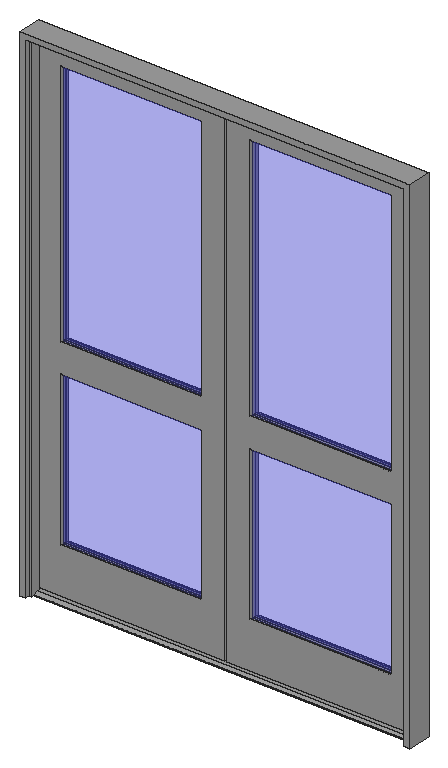
Revit family "MS-375 DOOR-Double-VIP-1-CW_v04", category Curtain Panels, Revit 2015
Parameters
  Width [instance] = 6' - 2"
  VIP2 Panic Devices [instance] = not(VIP1 Panic Devices)  # yes
  URL = "obe.com"
  Rough Width [instance] = 6' - 0"
  Panel Width [instance] = Min Panel Width  # 6' - 0"
  Panel Offset [instance] = 0' - 0"
  Offset [instance] = 0' - 0"
  Model = "MS-375 DOOR"
  Min Rough Width [instance] = if(Rough Width > 6' 1 255/256", Rough Width, 6' 2")  # 6' - 2"
  Min Panel Width [instance] = if(Rough Width > 6' 1 255/256", Rough Width - 0' 2", 6' 0")  # 6' - 0"
  Manufacturer = "Oldcastle BuildingEnvelope®"
  Keynote = "08 11 00"
  Hinge [instance] = yes
  Height [instance] = 8' - 0"
  Pushbar Height [instance] = 3' - 5 1/4"  # constant formula
  Glass Material = Glass
  Frame Material = Aluminum
  Door Panel Height [instance] = Height - 0' 0 5/8"  # 7' - 11 3/8"
  Description = "MS-375 - 1\" Door Infill"
  Assembly Code = "B2030"
  Analytic Construction = "<None>"
  VIP1 Panic Devices [instance] = no
  10 Bottom Rail [instance] = not([8 Bottom Rail])  # no
  8 Bottom Rail [instance] = yes
Reference planes (in)
  plane 1 "Front": y = 0
  plane 2: z = 0
  plane 3 "Center (Left/Right)": x = 0
  plane 4 "Left": x = -37
  plane 5 "Right": x = 37
  plane 6 "Top": z = 96
  plane 7 "Offset": y = 0
  plane 8: y = -1.28244
  plane 9: y = -1.28244
  plane 10: x = -37
  plane 11: x = 37
Forms (in)
  Sweep 1, solid, material "Aluminum" <- "Frame Material"
    path origin (0, 0, 0) x (-1, 0, 0) y (0, 0, 1)
      loop
        line (37, 0) -> (37, 96)
    profile origin (-37, 0, 48) x (1, 0, 0) y (0, 1, 0)
      loop
        line (1, -1.97) -> (1, 0) -> (0, 0) -> (0, -4.5) -> (1, -4.5) -> (1, -3.595) -> (1.5, -3.595) -> (1.5, -1.97) -> (1, -1.97)
  Sweep 2, solid, material "Aluminum" <- "Frame Material"
    path origin (0, 0, 0) x (-1, 0, 0) y (0, 0, 1)
      loop
        line (-37, 0) -> (-37, 96)
    profile origin (37, 0, 48) x (1, 0, 0) y (0, 1, 0)
      loop
        line (-1, -1.97) -> (-1.5, -1.97) -> (-1.5, -3.595) -> (-1, -3.595) -> (-1, -4.5) -> (0, -4.5) -> (0, 0) -> (-1, 0) -> (-1, -1.97)
  Extrusion 3, solid, material "Aluminum" <- "Frame Material"
    sketch origin (-37, 0, 0) x (0, -1, 0) y (0, 0, 1)
      loop
        line (1.97, 94.5) -> (3.595, 94.5) -> (3.595, 95) -> (4.5, 95) -> (4.5, 96) -> (0, 96) -> (0, 95) -> (1.97, 95) -> (1.97, 94.5)
    from -74 to 0
Cuts and joins
  joined: Sweep 1, Sweep 2, Extrusion 3
Text (in)
  text "Exterior" at (-54.29358, 31.38743, 0), in view "Ref. Level"
  text "Exterior" at (480, 41.53993, 89.60405), in view "Right"
  text "Exterior" at (-240, 57.82419, 105.78864), in view "Left"
Dimensions and locks (in)
  equal spacing: plane 4 "Left", plane 3 "Center (Left/Right)", plane 5 "Right"
  "Width": plane 4 "Left" to plane 5 "Right"
  "Height": plane 6 "Top" to plane 2
  "Offset": plane 1 "Front" to plane 7 "Offset"
  locked: plane 7 "Offset" to plane 8 at 1.28244
  locked: plane 7 "Offset" to plane 9 at 1.28244
  Extrusion 3 sketch curve to Extrusion 3 sketch curve to Extrusion 3 sketch curve = 0' - 0 1/2" locked, 0' - 0" locked
  Extrusion 3 sketch curve to Extrusion 3 sketch curve to Extrusion 3 sketch curve to Extrusion 3 sketch curve = 0' - 1.97" locked, 0' - 1 5/8" locked, 0' - 0.905" locked
  locked: Extrusion 3 sketch curve to Extrusion 3 sketch curve at 1
  "Min Rough Width": plane 10 to plane 11
  equal spacing: plane 10, plane 3 "Center (Left/Right)", plane 11
  aligned and locked: level to plane 2
  aligned and locked: plane 6 "Top" to Sweep 1 sketch curve
  aligned and locked: level to Sweep 1 sketch curve
  aligned and locked: plane 6 "Top" to Sweep 2 sketch curve
  aligned and locked: level to Sweep 2 sketch curve
  aligned and locked: Extrusion 3 to plane 6 "Top"
  aligned and locked: Extrusion 3 sketch curve to plane 6 "Top"
  aligned and locked: plane 3 "Center (Left/Right)" to nested 1
  aligned and locked: nested 1 to plane 7 "Offset"
  aligned and locked: Sweep 1 sketch curve to plane 10
  aligned and locked: plane 11 to Sweep 2 sketch curve
  aligned and locked: cut or joined group of Sweep 1, Sweep 2, Extrusion 3 to plane 11
  aligned and locked: cut or joined group of Sweep 1, Sweep 2, Extrusion 3 to plane 10
Automatic sketch dimensions
  Sweep 1 sketch curve to profile plane = 0' - 0"
  Sweep 1 sketch curve to plane 7 "Offset" = 0' - 0"
  Sweep 1 sketch curve to profile plane = 0' - 1"  (x2)
  Sweep 1 sketch curve to Sweep 1 sketch curve = 0' - 0 1/2"
  Sweep 1 sketch curve to plane 7 "Offset" = 0' - 1.97"
  Sweep 1 sketch curve to Sweep 1 sketch curve = 0' - 1 5/8"
  Sweep 1 sketch curve to Sweep 1 sketch curve = 0' - 0.905"
  Sweep 2 sketch curve to plane 7 "Offset" = 0' - 0"
  Sweep 2 sketch curve to profile plane = 0' - 0"
  profile plane to Sweep 2 sketch curve = 0' - 1"  (x2)
  Sweep 2 sketch curve to Sweep 2 sketch curve = 0' - 0 1/2"
  Sweep 2 sketch curve to plane 7 "Offset" = 0' - 1.97"
  Sweep 2 sketch curve to Sweep 2 sketch curve = 0' - 1 5/8"
  Sweep 2 sketch curve to Sweep 2 sketch curve = 0' - 0.905"
  Extrusion 3 sketch curve to plane 7 "Offset" = 0' - 0"
Nested families (in)
  nested 1: "MS-375 DOOR-Double-VIP-1-Panel_v03" at (0, -16, 0), Height <- "Door Panel Height", Hinge <- "Hinge", Frame Material <- "Frame Material", Glass Material <- "Glass Material", Width <- "Min Panel Width", 8 Bottom Rail <- "8 Bottom Rail", VIP 1 Panic Devices <- "VIP1 Panic Devices", Offset <- "Panel Offset", type "MS-375 DOOR-Double-1-Panel_v03"
    with Wing Width 3' - 0", built-in parameter 1001301 6' - 0", VIP 2 Panic Devices yes, VIP 1 Panic Devices no, Pushbar Height 3' - 5 1/4", Offset 0' - 0", Hinge yes, built-in parameter 1001300 7' - 11 3/8", Glass at Muntin 0' - 4 15/16", Glass Material Glass, Frame Material Aluminum, Bottom Rail 0' - 9 5/32", 8 Bottom Rail yes, 10 Bottom Rail no
Definition of nested family "MS-375 DOOR-Double-VIP-1-Panel_v03"
  Parameters (values of type "MS-375 DOOR-Double-1-Panel_v02")
    Wing Width [instance] = Width / 2  # 2' - 6"
    Width [instance] = 5' - 0"
    VIP 2 Panic Devices [instance] = not(VIP 1 Panic Devices)  # yes
    VIP 1 Panic Devices [instance] = no
    Offset [instance] = 0' - 11"
    Hinge [instance] = yes
    Height [instance] = 9' - 0"
    Glass at Muntin [instance] = if(VIP 2 Panic Devices, 0' 4 15/16", 0' 8 15/16")  # 0' - 4 15/16"
    Pushbar Height [instance] = 3' - 5 1/4"  # constant formula
    Glass Material [instance] = none
    Frame Material [instance] = none
    Bottom Rail [instance] = if([8 Bottom Rail], 0' 9 5/32", 0' 11 5/32")  # 0' - 11 5/32"
    10 Bottom Rail [instance] = not([8 Bottom Rail])  # yes
    8 Bottom Rail [instance] = no
  Reference planes (in)
    plane 1 "00": y = 4.0625
    plane 2: z = 0
    plane 3 "Center (Left/Right)": x = 0
    plane 4: z = 108
    plane 5: x = -30
    plane 6: x = 30
    plane 7 "Center (Front/Back)": y = 16
    plane 8 "Exterior": y = 4.5625
    plane 9: z = 54
    plane 10: z = 104.96875
    plane 11: z = 11.15625
    plane 12: z = 43.71875
    plane 13: z = 38.78125
    plane 14: z = 103.99987
    plane 15: z = 0
    plane 16 "Offset": y = 5
    plane 17: z = 41.25
  Forms (in)
    Sweep 1, solid, material <- "Frame Material"
      path origin (0, 4.0625, 0) x (1, 0, 0) y (0, 0, 1)
        loop
          line (-29.798, 108) -> (-0.22004, 108)
      profile origin (-15.00902, 4.0625, 108) x (0, 0, 1) y (0, -1, 0)
        loop
          line (-0.53138, -0.875) -> (-0.53138, 0.875) -> (-2.77731, 0.875) -> (-4.28138, 0.875) -> (-4.28138, 0.5) -> (-4.00013, 0.5) -> (-4.00013, -0.5) -> (-4.28138, -0.5) -> (-4.28138, -0.875) -> (-2.77731, -0.875) -> (-0.53138, -0.875)
    Sweep 2, solid, material <- "Frame Material"
      path origin (0, 4.0625, 0) x (1, 0, 0) y (0, 0, 1)
        loop
          line (-0.22004, 0) -> (-29.798, 0)
      profile origin (-15.00902, 4.0625, 0) x (0, 0, -1) y (0, -1, 0)
        loop
          line (-7.18343, -0.875) -> (-0.6875, -0.875) -> (-0.6875, 0.875) -> (-7.18343, 0.875) -> (-11.4375, 0.875) -> (-11.4375, 0.5) -> (-11.15625, 0.5) -> (-11.15625, -0.5) -> (-11.4375, -0.5) -> (-11.4375, -0.875) -> (-7.18343, -0.875)
    Sweep 3, solid, material <- "Frame Material"
      path origin (0, 4.0625, 0) x (1, 0, 0) y (0, 0, 1)
        loop
          line (29.24042, 107.46862) -> (29.24042, 0.6875)
      profile origin (29.24042, 4.0625, 54.07806) x (0, -1, 0) y (1, 0, 0)
        loop
          line (-0.875, 0.55758) -> (-0.875, -1.45435) -> (-0.875, -3.83342) -> (-0.5, -3.83342) -> (-0.5, -3.55217) -> (0.5, -3.55217) -> (0.5, -3.83342) -> (0.875, -3.83342) -> (0.875, -1.45435) -> (0.875, 0.55758) -> (-0.875, 0.66658) -> (-0.875, 0.55758)
    Sweep 4, solid, material <- "Frame Material"
      path origin (0, 4.0625, 0) x (1, 0, 0) y (0, 0, 1)
        loop
          line (-29.25, 107.46862) -> (-29.25, 0.6875)
      profile origin (-29.25, 4.0625, 54.07806) x (0, -1, 0) y (1, 0, 0)
        loop
          line (-0.875, -0.657) -> (0.875, -0.548) -> (0.875, 1.46393) -> (0.875, 3.843) -> (0.5, 3.843) -> (0.5, 3.56175) -> (-0.5, 3.56175) -> (-0.5, 3.843) -> (-0.875, 3.843) -> (-0.875, 1.46393) -> (-0.875, -0.657)
    Sweep 5, solid, material <- "Frame Material"
      path origin (0, 4.0625, 0) x (1, 0, 0) y (0, 0, 1)
        loop
          line (-0.22004, 54) -> (-29.798, 54)
      profile origin (-15.00902, 4.0625, 54) x (0, 0, -1) y (0, -1, 0)
        loop
          line (10, -0.5) -> (10, -0.875) -> (15.5, -0.875) -> (15.5, -0.5) -> (15.21875, -0.5) -> (15.21875, 0.5) -> (15.5, 0.5) -> (15.5, 0.875) -> (10, 0.875) -> (10, 0.5) -> (10.28125, 0.5) -> (10.28125, -0.5) -> (10, -0.5)
    Sweep 6, solid, material <- "Frame Material"
      path origin (0, 4.0625, 0) x (1, 0, 0) y (0, 0, 1)
        loop
          line (0, 107.46862) -> (0, 0.6875)
      profile origin (0, 4.0625, 54.07806) x (0, -1, 0) y (1, 0, 0)
        loop
          line (-0.875, -0.22004) -> (-0.875, -2.18343) -> (-0.875, -4.5625) -> (-0.5, -4.5625) -> (-0.5, -4.28125) -> (0.5, -4.28125) -> (0.5, -4.5625) -> (0.875, -4.5625) -> (0.875, -2.18343) -> (0.875, -0.22004)
          arc (0.875, -0.22004) -> (0, -0.0625) -> (-0.875, -0.22004) r 2.50872
        loop
          arc (-0.875, 0.22004) -> (0, 0.0625) -> (0.875, 0.22004) r 2.50872
          line (0.875, 0.22004) -> (0.875, 2.18343) -> (0.875, 4.5625) -> (0.5, 4.5625) -> (0.5, 4.28125) -> (0.252, 4.28125) -> (-0.5, 4.28125) -> (-0.5, 4.5625) -> (-0.875, 4.5625) -> (-0.875, 2.18343) -> (-0.875, 0.22004)
    Sweep 7, solid, material <- "Frame Material"
      path origin (0, 4.0625, 0) x (1, 0, 0) y (0, 0, 1)
        loop
          line (0.22004, 108) -> (29.798, 108)
      profile origin (15.00902, 4.0625, 108) x (0, 0, 1) y (0, -1, 0)
        loop
          line (-0.53138, -0.875) -> (-0.53138, 0.875) -> (-2.77731, 0.875) -> (-4.28138, 0.875) -> (-4.28138, 0.5) -> (-4.00013, 0.5) -> (-4.00013, -0.5) -> (-4.28138, -0.5) -> (-4.28138, -0.875) -> (-2.77731, -0.875) -> (-0.53138, -0.875)
    Sweep 8, solid, material <- "Frame Material"
      path origin (0, 4.0625, 0) x (1, 0, 0) y (0, 0, 1)
        loop
          line (29.798, 54) -> (0.22004, 54)
      profile origin (15.00902, 4.0625, 54) x (0, 0, -1) y (0, -1, 0)
        loop
          line (10, -0.5) -> (10, -0.875) -> (15.5, -0.875) -> (15.5, -0.5) -> (15.21875, -0.5) -> (15.21875, 0.5) -> (15.5, 0.5) -> (15.5, 0.875) -> (10, 0.875) -> (10, 0.5) -> (10.28125, 0.5) -> (10.28125, -0.5) -> (10, -0.5)
    Sweep 9, solid, material <- "Frame Material"
      path origin (0, 4.0625, 0) x (1, 0, 0) y (0, 0, 1)
        loop
          line (29.798, 0) -> (0.22004, 0)
      profile origin (15.00902, 4.0625, 0) x (0, 0, -1) y (0, -1, 0)
        loop
          line (-3.49593, -0.875) -> (-0.6875, -0.875) -> (-0.6875, 0.875) -> (-3.49593, 0.875) -> (-11.4375, 0.875) -> (-11.4375, 0.5) -> (-11.15625, 0.5) -> (-11.15625, -0.5) -> (-11.4375, -0.5) -> (-11.4375, -0.875) -> (-3.49593, -0.875)
    Extrusion 10, solid, detail levels coarse
      sketch origin (0, 0, 0) x (1, 0, 0) y (0, 1, 0)
        loop
          line (4.28125, 4.5625) -> (4.28125, 3.5625) -> (25.68825, 3.5625) -> (25.68825, 4.5625) -> (4.28125, 4.5625)
      from 38.78125 to 11.15625
    Extrusion 11, solid, material <- "Glass Material", detail levels medium+fine
      sketch origin (0, 0, 0) x (1, 0, 0) y (0, 1, 0)
        loop
          line (4.28125, 3.5625) -> (25.68825, 3.5625) -> (25.68825, 3.8105) -> (4.28125, 3.8105) -> (4.28125, 3.5625)
        loop
          line (25.68825, 4.5625) -> (4.28125, 4.5625) -> (4.28125, 4.3145) -> (25.68825, 4.3145) -> (25.68825, 4.5625)
      from 11.15625 to 38.78125
    Extrusion 12, solid, material <- "Glass Material", detail levels medium+fine
      sketch origin (0, 0, 0) x (1, 0, 0) y (0, 1, 0)
        loop
          line (4.28125, 4.5625) -> (4.28125, 4.3145) -> (25.68825, 4.3145) -> (25.68825, 4.5625) -> (4.28125, 4.5625)
        loop
          line (25.68825, 3.5625) -> (25.68825, 3.8105) -> (4.28125, 3.8105) -> (4.28125, 3.5625) -> (25.68825, 3.5625)
      from 43.71875 to 103.99987
    Extrusion 13, solid, material <- "Glass Material", detail levels coarse
      sketch origin (0, 0, 0) x (1, 0, 0) y (0, 1, 0)
        loop
          line (4.28125, 4.5625) -> (4.28125, 3.5625) -> (25.68825, 3.5625) -> (25.68825, 4.5625) -> (4.28125, 4.5625)
      from 43.71875 to 103.99987
    Extrusion 14, solid, material <- "Glass Material", detail levels medium+fine
      sketch origin (0, 0, 0) x (1, 0, 0) y (0, 1, 0)
        loop
          line (-25.68825, 3.5625) -> (-4.28125, 3.5625) -> (-4.28125, 3.8105) -> (-25.68825, 3.8105) -> (-25.68825, 3.5625)
        loop
          line (-4.28125, 4.5625) -> (-25.68825, 4.5625) -> (-25.68825, 4.3145) -> (-4.28125, 4.3145) -> (-4.28125, 4.5625)
      from 11.15625 to 38.78125
    Extrusion 15, solid, material <- "Glass Material", detail levels coarse
      sketch origin (0, 0, 0) x (1, 0, 0) y (0, 1, 0)
        loop
          line (-25.68825, 4.5625) -> (-25.68825, 3.5625) -> (-4.31233, 3.5625) -> (-4.28125, 3.5625) -> (-4.28125, 4.5625) -> (-25.68825, 4.5625)
      from 43.71875 to 103.99987
    Extrusion 16, solid, material <- "Glass Material", detail levels coarse
      sketch origin (0, 0, 0) x (1, 0, 0) y (0, 1, 0)
        loop
          line (-25.68825, 4.5625) -> (-25.68825, 3.5625) -> (-4.28125, 3.5625) -> (-4.28125, 4.5625) -> (-25.68825, 4.5625)
      from 11.15625 to 38.78125
    Extrusion 17, solid, material <- "Glass Material", detail levels medium+fine
      sketch origin (0, 0, 0) x (1, 0, 0) y (0, 1, 0)
        loop
          line (-25.68825, 4.5625) -> (-25.68825, 4.3145) -> (-4.28125, 4.3145) -> (-4.28125, 4.5625) -> (-25.68825, 4.5625)
        loop
          line (-25.68825, 3.8105) -> (-25.68825, 3.5625) -> (-4.28125, 3.5625) -> (-4.28125, 3.8105) -> (-25.68825, 3.8105)
      from 43.71875 to 103.99987
    Sweep 18, solid, material <- "Frame Material"
      path origin (0, 5, 0) x (1, 0, 0) y (0, 0, 1)
        loop
          line (-29.798, 0) -> (29.798, 0)
      profile origin (0, 5, 0) x (0, 0, 1) y (0, -1, 0)
        loop
          line (0.5, 2.468) -> (0.19364, 3.125) -> (0, 3.125) -> (0, -0.875) -> (0.19364, -0.875) -> (0.5, -0.218) -> (0.5, 2.468)
  Cuts and joins
    joined: Sweep 1, Sweep 2, Sweep 3, Sweep 4, Sweep 5, Sweep 6, Sweep 7, Sweep 8, Sweep 9
  Lines and regions (in)
    model lines
      curve 1: line (4.5625, 4.0625, 103.71862) -> (25.68825, 4.0625, 54.02216)
      curve 2: line (25.68825, 4.0625, 54.02216) -> (4.5625, 4.0625, 11.4375)
      curve 3: line (-4.5625, 4.0625, 103.71862) -> (-25.407, 4.0625, 54)
      curve 4: line (-25.407, 4.0625, 54) -> (-4.5625, 4.0625, 11.4375)
  Dimensions and locks (in)
    "Height": plane 4 to level
    equal spacing: plane 5, plane 3 "Center (Left/Right)", plane 6
    "Width": plane 5 to plane 6
    plane 1 "00" to plane 8 "Exterior" to plane 16 "Offset" = 0' - 0 1/2" locked, 0' - 0 7/16" locked
    equal spacing: level, plane 9, plane 4
    locked: plane 3 "Center (Left/Right)" to Sweep 2 sketch curve at 0.22004
    locked: Sweep 3 sketch curve to plane 4 at 0.53138
    locked: Sweep 4 sketch curve to plane 4 at 0.53138
    locked: plane 3 "Center (Left/Right)" to Sweep 1 sketch curve at 0.22004
    locked: plane 3 "Center (Left/Right)" to Sweep 5 sketch curve at 0.22004
    locked: plane 4 to plane 10 at 3.03125
    locked: Sweep 7 sketch curve to plane 3 "Center (Left/Right)" at 0.22004
    locked: Sweep 8 sketch curve to plane 3 "Center (Left/Right)" at 0.22004
    locked: Sweep 9 sketch curve to plane 3 "Center (Left/Right)" at 0.22004
    locked: Sweep 6 sketch curve to plane 4 at 0.53138
    "Glass at Muntin": plane 12 to plane 13
    "Bottom Rail": plane 11 to plane 2
    locked: Sweep 9 sketch curve to plane 11 at 0.28125  (x2)
    locked: Sweep 2 sketch curve to plane 11 at 0.28125  (x2)
    locked: Sweep 5 sketch curve to plane 12 at 0.28125  (x2)
    locked: plane 13 to Sweep 5 sketch curve at 0.28125  (x2)
    equal spacing: plane 4, plane 9, plane 15
    locked: plane 14 to Sweep 7 sketch curve at 0.28125  (x2)
    locked: plane 4 to plane 14 at 4.00013
    locked: Sweep 8 sketch curve to plane 12 at 0.28125  (x2)
    locked: plane 13 to Sweep 8 sketch curve at 0.28125  (x2)
    Extrusion 13 sketch curve to plane 1 "00" to Extrusion 13 sketch curve = 0' - 0 1/2" locked, 0' - 0 1/2" locked
    Extrusion 12 sketch curve to Extrusion 12 sketch curve to plane 1 "00" to Extrusion 12 sketch curve to Extrusion 12 sketch curve = 0' - 0.248" locked, 0' - 0.252" locked, 0' - 0.252" locked, 0' - 0.248" locked
    Extrusion 11 sketch curve to Extrusion 11 sketch curve to plane 1 "00" to Extrusion 11 sketch curve to Extrusion 11 sketch curve = 0' - 0.248" locked, 0' - 0.252" locked, 0' - 0.252" locked, 0' - 0.248" locked
    Extrusion 10 sketch curve to plane 1 "00" to Extrusion 10 sketch curve = 0' - 0 1/2" locked, 0' - 0 1/2" locked
    Extrusion 16 sketch curve to plane 1 "00" to Extrusion 16 sketch curve = 0' - 0 1/2" locked, 0' - 0 1/2" locked
    Extrusion 14 sketch curve to Extrusion 14 sketch curve to plane 1 "00" to Extrusion 14 sketch curve to Extrusion 14 sketch curve = 0' - 0.248" locked, 0' - 0.252" locked, 0' - 0.252" locked, 0' - 0.248" locked
    Extrusion 17 sketch curve to Extrusion 17 sketch curve to plane 1 "00" to Extrusion 17 sketch curve to Extrusion 17 sketch curve = 0' - 0.248" locked, 0' - 0.252" locked, 0' - 0.252" locked, 0' - 0.248" locked
    Extrusion 15 sketch curve to plane 1 "00" to Extrusion 15 sketch curve = 0' - 0 1/2" locked, 0' - 0 1/2" locked
    "Offset": plane 16 "Offset" to plane 7 "Center (Front/Back)"
    equal spacing: plane 12, plane 17, plane 13
    "Pushbar Height": plane 17 to plane 15
    locked: plane 6 to Sweep 18 sketch curve at 0.202
    locked: Sweep 18 sketch curve to plane 5 at 0.202
    locked: Sweep 4 sketch curve to plane 15 at 0.6875
    locked: Sweep 6 sketch curve to plane 15 at 0.6875
    locked: Sweep 3 sketch curve to plane 15 at 0.6875
    aligned and locked: plane 2 to level
    aligned and locked: Sweep 1 sketch curve to plane 4
    aligned and locked: Sweep 2 sketch curve to level
    aligned and locked: Sweep 5 sketch curve to plane 9
    aligned and locked: Sweep 6 sketch curve to plane 3 "Center (Left/Right)"
    aligned and locked: Sweep 9 sketch curve to level
    aligned and locked: Sweep 8 sketch curve to plane 9
    aligned and locked: plane 4 to Sweep 7 sketch curve
    aligned and locked: Sweep 8 sketch curve to plane 12
    aligned and locked: plane 13 to Sweep 8 sketch curve
    aligned and locked: plane 11 to cut or joined group of Sweep 1, Sweep 2, Sweep 3, Sweep 4, Sweep 5, Sweep 6, Sweep 7, Sweep 8, Sweep 9
    aligned and locked: Extrusion 14 to plane 11
    aligned and locked: plane 13 to Extrusion 14
    aligned and locked: Extrusion 15 to plane 12
    aligned and locked: plane 14 to Extrusion 15
    aligned and locked: Extrusion 17 to plane 12
    aligned and locked: plane 14 to Extrusion 17
    aligned and locked: Extrusion 16 to plane 11
    aligned and locked: plane 13 to Extrusion 16
    aligned and locked: cut or joined group of Sweep 1, Sweep 2, Sweep 3, Sweep 4, Sweep 5, Sweep 6, Sweep 7, Sweep 8, Sweep 9 to plane 13
    aligned and locked: Extrusion 12 to plane 12
    aligned and locked: plane 12 to cut or joined group of Sweep 1, Sweep 2, Sweep 3, Sweep 4, Sweep 5, Sweep 6, Sweep 7, Sweep 8, Sweep 9
    aligned and locked: cut or joined group of Sweep 1, Sweep 2, Sweep 3, Sweep 4, Sweep 5, Sweep 6, Sweep 7, Sweep 8, Sweep 9 to plane 14
    aligned and locked: plane 14 to Extrusion 12
    aligned and locked: plane 14 to Extrusion 13
    aligned and locked: Extrusion 13 to plane 12
    aligned and locked: Extrusion 11 to plane 11
    aligned and locked: Extrusion 10 to plane 11
    aligned and locked: Sweep 7 sketch curve to plane 14
    aligned and locked: cut or joined group of Sweep 1, Sweep 2, Sweep 3, Sweep 4, Sweep 5, Sweep 6, Sweep 7, Sweep 8, Sweep 9 to curve 2
    aligned and locked: curve 3 to cut or joined group of Sweep 1, Sweep 2, Sweep 3, Sweep 4, Sweep 5, Sweep 6, Sweep 7, Sweep 8, Sweep 9
    aligned and locked: cut or joined group of Sweep 1, Sweep 2, Sweep 3, Sweep 4, Sweep 5, Sweep 6, Sweep 7, Sweep 8, Sweep 9 to curve 4
    aligned and locked: plane 9 to curve 3
    aligned and locked: plane 13 to Extrusion 10
    aligned and locked: plane 13 to Extrusion 11
    aligned and locked: Sweep 18 sketch curve to plane 15
  Automatic sketch dimensions
    Sweep 1 sketch curve to plane 1 "00" = 0' - 0 1/2"
    profile plane to Sweep 1 sketch curve = 0' - 4.28138"
    Sweep 1 sketch curve to Sweep 1 sketch curve = 0' - 0"
    Sweep 1 sketch curve to Sweep 1 sketch curve = 0' - 0 9/32"
    Sweep 1 sketch curve to Sweep 1 sketch curve = 0' - 1.22282"  (x2)
    profile plane to Sweep 1 sketch curve = 0' - 0.53138"
    Sweep 1 sketch curve to plane 1 "00" = 0' - 0 7/8"
    plane 1 "00" to Sweep 1 sketch curve = 0' - 0 1/2"
    Sweep 1 sketch curve to Sweep 1 sketch curve = 0' - 0 3/8"
    Sweep 5 sketch curve to plane 1 "00" = 0' - 0 7/8"
    Sweep 5 sketch curve to Sweep 5 sketch curve = 0' - 0 9/32"  (x2)
    Sweep 5 sketch curve to plane 1 "00" = 0' - 0 1/2"
    plane 1 "00" to Sweep 5 sketch curve = 0' - 0 1/2"  (x2)
    Sweep 5 sketch curve to Sweep 5 sketch curve = 0' - 0 3/8"  (x2)
    plane 1 "00" to Sweep 2 sketch curve = 0' - 0 7/8"
    plane 1 "00" to Sweep 2 sketch curve = 0' - 0 1/2"
    Sweep 2 sketch curve to Sweep 2 sketch curve = 0' - 3.97282"
    Sweep 2 sketch curve to Sweep 2 sketch curve = 0' - 0 9/32"
    Sweep 2 sketch curve to plane 1 "00" = 0' - 0 1/2"
    Sweep 2 sketch curve to Sweep 2 sketch curve = 0' - 0"
    Sweep 4 sketch curve to plane 1 "00" = 0' - 0 7/8"
    Sweep 4 sketch curve to Sweep 4 sketch curve = 0' - 0 3/8"  (x2)
    plane 1 "00" to Sweep 4 sketch curve = 0' - 0 1/2"
    profile plane to Sweep 4 sketch curve = 0' - 0.657"
    Sweep 4 sketch curve to Sweep 4 sketch curve = 0' - 2.12093"
    Sweep 4 sketch curve to Sweep 4 sketch curve = 0' - 0"
    Sweep 4 sketch curve to Sweep 4 sketch curve = 0' - 2.09782"
    Sweep 4 sketch curve to Sweep 4 sketch curve = 0' - 0 9/32"  (x2)
    profile plane to Sweep 4 sketch curve = 0' - 0.548"
    plane 1 "00" to Sweep 6 sketch curve = 0' - 0"  (x2)
    Sweep 6 sketch curve to plane 1 "00" = 0' - 0 1/2"
    Sweep 6 sketch curve to plane 1 "00" = 0' - 0 7/8"  (x2)
    plane 1 "00" to Sweep 6 sketch curve = 0' - 0.252"
    Sweep 6 sketch curve to Sweep 6 sketch curve = 0' - 0.248"
    plane 1 "00" to Sweep 6 sketch curve = 0' - 0 1/2"
    Sweep 6 sketch curve to Sweep 6 sketch curve = 0' - 0 3/8"  (x3)
    profile plane to Sweep 6 sketch curve = 0' - 4 9/16"
    Sweep 6 sketch curve to Sweep 6 sketch curve = 0' - 0"  (x2)
    Sweep 6 sketch curve to Sweep 6 sketch curve = 0' - 0 9/32"  (x3)
    Sweep 6 sketch curve to Sweep 6 sketch curve = 0' - 1.71003"  (x2)
    Sweep 6 sketch curve to Sweep 6 sketch curve = 0' - 0.38779"  (x3)
    profile plane to Sweep 6 sketch curve = 0' - 0.22004"
    Sweep 6 sketch curve to profile plane = 0' - 0.22004"
    Sweep 6 sketch curve to Sweep 6 sketch curve = 0' - 1.96339"
    Sweep 3 sketch curve to plane 1 "00" = 0' - 0 7/8"
    Sweep 3 sketch curve to Sweep 3 sketch curve = 0' - 0 3/8"
    plane 1 "00" to Sweep 3 sketch curve = 0' - 0 1/2"
    plane 1 "00" to Sweep 3 sketch curve = 0' - 0 7/8"
    profile plane to Sweep 3 sketch curve = 0' - 3.83342"
    Sweep 3 sketch curve to Sweep 3 sketch curve = 0' - 0"  (x2)
    Sweep 3 sketch curve to Sweep 3 sketch curve = 0' - 0 9/32"
    Sweep 3 sketch curve to Sweep 3 sketch curve = 0' - 2.09782"
    Sweep 3 sketch curve to profile plane = 0' - 0.55758"  (x2)
    Sweep 3 sketch curve to Sweep 3 sketch curve = 0' - 0.109"
    Sweep 7 sketch curve to plane 1 "00" = 0' - 0 1/2"
    Sweep 7 sketch curve to Sweep 7 sketch curve = 0' - 1.22282"  (x2)
    profile plane to Sweep 7 sketch curve = 0' - 0.53138"
    Sweep 7 sketch curve to plane 1 "00" = 0' - 0 7/8"
    plane 1 "00" to Sweep 7 sketch curve = 0' - 0 1/2"
    Sweep 7 sketch curve to Sweep 7 sketch curve = 0' - 0 3/8"
    Sweep 9 sketch curve to plane 1 "00" = 0' - 0 7/8"
    Sweep 9 sketch curve to plane 1 "00" = 0' - 0 1/2"
    Sweep 9 sketch curve to Sweep 9 sketch curve = 0' - 0 9/32"
    plane 1 "00" to Sweep 9 sketch curve = 0' - 0 1/2"
    Sweep 9 sketch curve to Sweep 9 sketch curve = 0' - 0"
    Sweep 9 sketch curve to Sweep 9 sketch curve = 0' - 0 3/8"
    plane 3 "Center (Left/Right)" to Extrusion 10 sketch curve = 0' - 4 9/32"
    plane 3 "Center (Left/Right)" to Extrusion 11 sketch curve = 0' - 4 9/32"
    Extrusion 11 sketch curve to Extrusion 11 sketch curve = 0' - 0"  (x2)
    plane 3 "Center (Left/Right)" to Extrusion 13 sketch curve = 0' - 4 9/32"
    plane 3 "Center (Left/Right)" to Extrusion 12 sketch curve = 0' - 4 9/32"
    Extrusion 12 sketch curve to Extrusion 12 sketch curve = 0' - 0"  (x2)
    Extrusion 14 sketch curve to Extrusion 14 sketch curve = 0' - 0"  (x2)
    Extrusion 14 sketch curve to plane 3 "Center (Left/Right)" = 0' - 4 9/32"
    Extrusion 15 sketch curve to plane 3 "Center (Left/Right)" = 0' - 4.31233"
    Extrusion 15 sketch curve to Extrusion 15 sketch curve = 0' - 0.03108"
    Extrusion 16 sketch curve to plane 3 "Center (Left/Right)" = 0' - 4 9/32"
    Extrusion 17 sketch curve to Extrusion 17 sketch curve = 0' - 0"  (x2)
    Extrusion 17 sketch curve to plane 3 "Center (Left/Right)" = 0' - 4 9/32"
    plane 9 to curve 2 = 0' - 0.02216"
    curve 1 to plane 14 = 0' - 0 9/32"
    plane 3 "Center (Left/Right)" to curve 1 = 0' - 4 9/16"
    plane 11 to curve 4 = 0' - 0 9/32"
    plane 11 to curve 2 = 0' - 0 9/32"
    curve 3 to plane 14 = 0' - 0 9/32"
    Sweep 8 sketch curve to plane 1 "00" = 0' - 0 7/8"
    Sweep 8 sketch curve to Sweep 8 sketch curve = 0' - 0 3/8"  (x3)
    plane 1 "00" to Sweep 8 sketch curve = 0' - 0 1/2"  (x2)
    plane 5 to curve 3 = 0' - 4.593"
    curve 2 to plane 6 = 0' - 4.31175"
    plane 5 to Sweep 1 sketch curve = 0' - 0.202"
    plane 5 to Sweep 2 sketch curve = 0' - 0.202"
    Sweep 3 sketch curve to plane 6 = 0' - 0.75958"
    plane 5 to Sweep 4 sketch curve = 0' - 0 3/4"
    plane 5 to Sweep 5 sketch curve = 0' - 0.202"
    Sweep 7 sketch curve to plane 6 = 0' - 0.202"
    Sweep 8 sketch curve to plane 6 = 0' - 0.202"
    Sweep 9 sketch curve to plane 6 = 0' - 0.202"
    Extrusion 10 sketch curve to plane 6 = 0' - 4.31175"
    Extrusion 11 sketch curve to plane 6 = 0' - 4.31175"
    Extrusion 12 sketch curve to plane 6 = 0' - 4.31175"
    Extrusion 13 sketch curve to plane 6 = 0' - 4.31175"
    plane 5 to Extrusion 14 sketch curve = 0' - 4.31175"
    plane 5 to Extrusion 15 sketch curve = 0' - 4.31175"
    plane 5 to Extrusion 16 sketch curve = 0' - 4.31175"
    plane 5 to Extrusion 17 sketch curve = 0' - 4.31175"
    Sweep 2 sketch curve to plane 1 "00" = 0' - 0 7/8"
    profile plane to Sweep 2 sketch curve = 0' - 0 11/16"
    Sweep 9 sketch curve to Sweep 9 sketch curve = 0' - 2.80843"
    profile plane to Sweep 9 sketch curve = 0' - 3.49593"
    Sweep 18 sketch curve to plane 16 "Offset" = 0' - 0.218"
    Sweep 18 sketch curve to profile plane = 0' - 0 1/2"
    Sweep 18 sketch curve to profile plane = 0' - 0.19364"  (x2)
    Sweep 18 sketch curve to Sweep 18 sketch curve = 0' - 0.657"  (x2)
    plane 16 "Offset" to Sweep 18 sketch curve = 0' - 2.468"
    Sweep 18 sketch curve to profile plane = 0' - 0"
